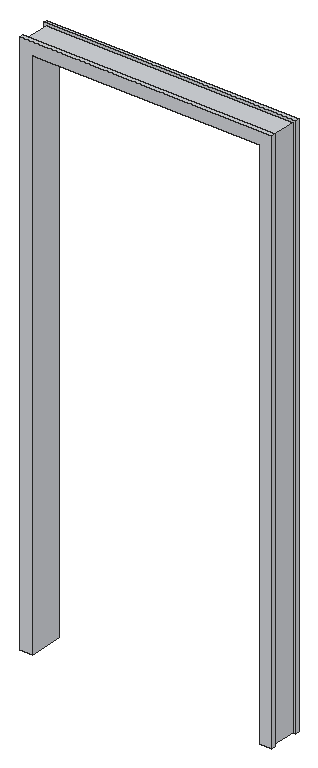
Revit family "BG_DORc_DoorFrame-NoRebates", category Doors, Revit 2020
Family settings
  Work Plane-Based = Yes
  Always vertical = Yes
  Cut with Voids When Loaded = No
  Shared = No
  Room Calculation Point = No
Parameters (values of type "No Rebates")
  Width [instance] = 920 mm
  Trim projection V [instance] = 12 mm
  Trim projection H [instance] = 10 mm
  Throat I [instance] = 50 mm
  Throat E [instance] = 50 mm
  Hinge gap [instance] = 3 mm
  Height [instance] = 2040 mm
  Frame width [instance] = 40 mm
  Finish [instance] = none
  Define Thermal Properties by = Schematic Type
  Default Elevation = 1219.2 mm
  Analytic Construction = "<None>"
Reference planes
  plane 1 "Center (Front/Back)": y = 0
  plane 2: z = 0
  plane 3 "Right": x = 0
  plane 4 "Left": x = -920
  plane 5: z = 2040
Forms (mm)
  Sweep 1, solid, material <- "Finish"
    path origin (0, 0, 0) x (1, 0, 0) y (0, 0, 1)
      loop
        line (-920, 0) -> (-920, 2040) -> (0, 2040) -> (0, 0)
    profile "BG_PRF_DoorFrame-NoRebates : Typical" origin (-920, 0, 1020) x (-1, 0, 0) y (0, -1, 0)
      loop
        line (10, 62) -> (-37, 62) -> (-37, -62) -> (10, -62) -> (10, -50) -> (0, -50) -> (0, 50) -> (10, 50) -> (10, 62)
Dimensions and locks
  "Width": plane 4 "Left" to plane 3 "Right"
  "Height": plane 5 to level
  aligned and locked: level to plane 2
  aligned and locked: Sweep 1 sketch curve to plane 4 "Left"
  aligned and locked: Sweep 1 sketch curve to plane 5
  aligned and locked: Sweep 1 sketch curve to plane 3 "Right"
  aligned and locked: level to Sweep 1 sketch curve  (x2)
